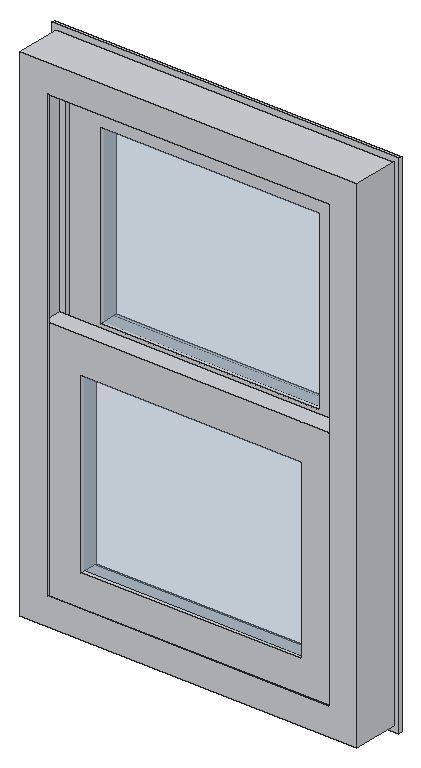
Revit family "Metro Series Double Hung 3D", category Windows, host Wall, Revit 2020
Family settings
  Host = Wall
  OmniClass Number = 23.30.20.00
  OmniClass Title = Windows
  Always vertical = Yes
  Cut with Voids When Loaded = No
  Shared = No
  Room Calculation Point = No
Parameters
  Interlocker [instance] = Centre + 31 mm  # 631 mm
  Centre [instance] = Height / 2  # 600 mm
  Height = 1200 mm
  Default Sill Height = 800 mm
  Wall Closure = By host
  Width = 800 mm
Reference planes
  plane 1 "Center (Front/Back)": y = 0
  plane 2 "Center (Left/Right)": x = 0
  plane 3 "Left": x = -400
  plane 4 "Right": x = 400
  plane 5 "Sill": z = 800
  plane 6 "Head": z = 2000
  plane 7 "Exterior": y = 100
  plane 8 "Interior": y = -100
  plane 9: z = 1431
  plane 10: z = 1369
Forms (mm)
  Sweep 1, solid
    path origin (0, -100, 0) x (1, 0, 0) y (0, 0, -1)
      loop
        line (400, -800) -> (-400, -800) -> (-400, -2000) -> (400, -2000) -> (400, -800)
    profile origin (-400, -100, 1400) x (1, 0, 0) y (0, 1, 0)
      loop
        line (-12, 213.954) -> (-12, 205.003) -> (0, 205.003) -> (0, 97.354) -> (65.3, 97.354) -> (65.3, 101.504) -> (48.5, 101.504) -> (48.5, 152.504) -> (65.3, 152.504) -> (65.3, 158.804) -> (48.5, 158.804) -> (48.5, 209.804) -> (65.3, 209.804) -> (65.3, 213.954) -> (-12, 213.954)
  Sweep 2, solid
    path origin (0, 100, 0) x (1, 0, 0) y (0, 0, 1)
      loop
        line (334.7, 865.3) -> (334.7, 1431) -> (-334.7, 1431) -> (-334.7, 865.3) -> (334.7, 865.3)
    profile origin (0, 100, 865.3) x (0, 0, -1) y (0, -1, 0)
      loop
        line (12, 50.496) -> (12, 95.496) -> (-72.5, 95.496) -> (-72.5, 50.496) -> (12, 50.496)
  Sweep 3, solid
    path origin (0, 100, 0) x (1, 0, 0) y (0, 0, 1)
      loop
        line (-334.7, 1934.7) -> (-334.7, 1369) -> (334.7, 1369) -> (334.7, 1934.7) -> (-334.7, 1934.7)
    profile origin (0, 100, 1369) x (0, 0, -1) y (0, -1, 0)
      loop
        line (-74, -6.804) -> (12, -6.804) -> (12, 38.196) -> (-74, 38.196) -> (-74, -6.804)
  Extrusion 4, solid
    sketch origin (0, 0, 0) x (1, 0, 0) y (0, 1, 0)
      loop
        line (-262.2, 43.49) -> (-262.2, 13.49) -> (262.2, 13.49) -> (262.2, 43.49) -> (-262.2, 43.49)
    from 937.8 to 1358.5
  Extrusion 5, solid
    sketch origin (0, 0, 0) x (1, 0, 0) y (0, 1, 0)
      loop
        line (-262.2, 70) -> (262.2, 70) -> (262.2, 100) -> (-262.2, 100) -> (-262.2, 70)
    from 1441.5 to 1860.7
Lines and regions (mm)
  Opening 1
    outline origin (3500, -100, 0) x (1, 0, 0) y (0, 0, 1)
      loop
        line (-3100, 800) -> (-3100, 2000) -> (-3900, 2000) -> (-3900, 800) -> (-3100, 800)
Text (mm)
  text "EXTERIOR" at (-1963.203, 1332.353, 0), in view "Ref. Level"
  text "INTERIOR" at (-1981.466, -818.386, 0), in view "Ref. Level"
  text "Exterior" at (0, 923.751, 2943.296), in view "Right"
  text "Exterior" at (0, 1040.484, 2685.409), in view "Left"
Dimensions and locks
  equal spacing: plane 3 "Left", plane 2 "Center (Left/Right)", plane 4 "Right"
  "Width": plane 3 "Left" to plane 4 "Right"
  "Height": plane 5 "Sill" to plane 6 "Head"
  "Default Sill Height": plane 5 "Sill" to level
  locked: plane 7 "Exterior" to host wall
  locked: plane 8 "Interior" to host wall
  "Interlocker": plane 5 "Sill" to plane 9
  "Interlocker": plane 10 to plane 6 "Head"
  locked: plane 3 "Left" to Extrusion 4 at 137.8
  locked: Extrusion 4 to plane 4 "Right" at 137.8
  locked: plane 5 "Sill" to Extrusion 4 at 137.8
  locked: plane 9 to Extrusion 4 at 72.5
  locked: Extrusion 4 sketch curve to plane 7 "Exterior" at 56.51
  locked: plane 7 "Exterior" to Sweep 2 at 50.496
  locked: plane 3 "Left" to Sweep 1 sketch curve at 65.3
  locked: plane 7 "Exterior" to Sweep 1 sketch curve at 13.954
  locked: Sweep 1 sketch curve to plane 7 "Exterior" at 102.646
  locked: plane 3 "Left" to Extrusion 5 sketch curve at 137.8
  locked: Extrusion 5 sketch curve to plane 4 "Right" at 137.8
  locked: Extrusion 5 to plane 6 "Head" at 139.3
  locked: Extrusion 5 to plane 10 at 72.5
Automatic sketch dimensions
  plane 3 "Left" to Opening 1 sketch curve = 0 mm
  plane 4 "Right" to Opening 1 sketch curve = 0 mm
  Opening 1 sketch curve to plane 5 "Sill" = 0 mm
  Opening 1 sketch curve to plane 6 "Head" = 0 mm
  plane 3 "Left" to Sweep 1 sketch curve = 0 mm
  plane 4 "Right" to Sweep 1 sketch curve = 0 mm
  Sweep 1 sketch curve to plane 6 "Head" = 0 mm
  Sweep 1 sketch curve to plane 5 "Sill" = 0 mm
  Sweep 1 sketch curve to profile plane = 0 mm
  profile plane to Sweep 1 sketch curve = 12 mm
  Sweep 1 sketch curve to profile plane = 48.5 mm
  Sweep 1 sketch curve to Sweep 1 sketch curve = 16.8 mm  (x3)
  Sweep 1 sketch curve to Sweep 1 sketch curve = 4.15 mm
  Sweep 1 sketch curve to Sweep 1 sketch curve = 6.3 mm
  Sweep 1 sketch curve to Sweep 1 sketch curve = 46.199 mm
  Sweep 1 sketch curve to Sweep 1 sketch curve = 51 mm
  Sweep 1 sketch curve to Sweep 1 sketch curve = 8.951 mm
  Sweep 2 sketch curve to plane 9 = 0 mm
  Sweep 2 sketch curve to plane 3 "Left" = 65.3 mm
  plane 4 "Right" to Sweep 2 sketch curve = 65.3 mm
  Sweep 2 sketch curve to plane 5 "Sill" = 65.3 mm
  profile plane to Sweep 2 sketch curve = 72.5 mm
  Sweep 2 sketch curve to profile plane = 12 mm
  plane 7 "Exterior" to Sweep 2 sketch curve = 50.496 mm
  Sweep 2 sketch curve to Sweep 2 sketch curve = 45 mm
  Sweep 3 sketch curve to plane 10 = 0 mm
  Sweep 3 sketch curve to plane 3 "Left" = 65.3 mm
  plane 4 "Right" to Sweep 3 sketch curve = 65.3 mm
  plane 6 "Head" to Sweep 3 sketch curve = 65.3 mm
  profile plane to Sweep 3 sketch curve = 74 mm
  Sweep 3 sketch curve to profile plane = 12 mm
  Sweep 3 sketch curve to plane 7 "Exterior" = 6.804 mm
  plane 7 "Exterior" to Sweep 3 sketch curve = 38.196 mm
  Extrusion 4 sketch curve to host wall = 13.49 mm
  Extrusion 4 sketch curve to plane 3 "Left" = 137.8 mm
  plane 4 "Right" to Extrusion 4 sketch curve = 137.8 mm
  Extrusion 5 sketch curve to host wall = 0 mm
  Extrusion 5 sketch curve to host wall = 30 mm
